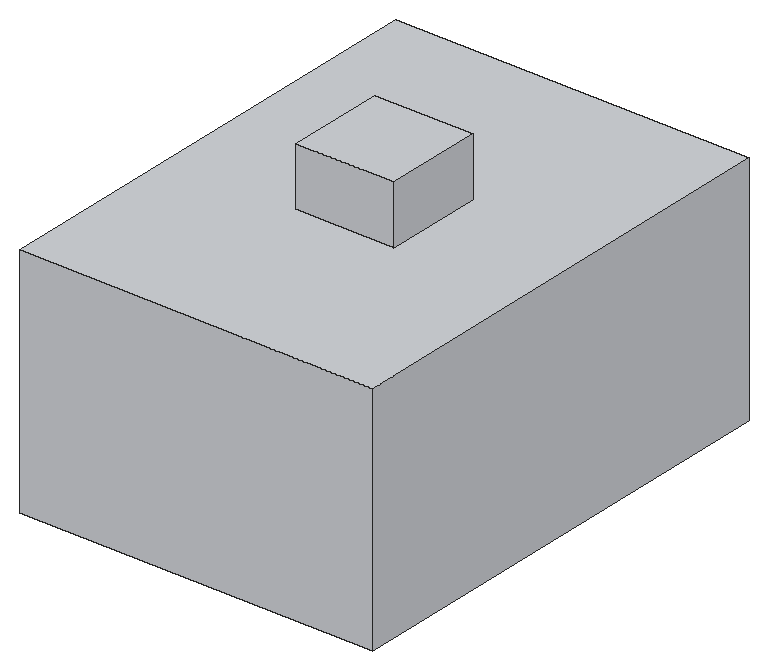
Revit family "77ec65d2197540f8aba336cae864940e", category Air Terminals, Revit 2021
Family settings
  Round Connector Dimension = Use Diameter
  Part Type = Normal
  OmniClass Number = 23.40.40.14.21.11
  OmniClass Title = Food Service Hoods
  Seek Item ID = Grease Hood - Exhaust Only - Island-0000-USA-ENU
  Work Plane-Based = No
  Always vertical = Yes
  Cut with Voids When Loaded = No
  Shared = No
  Room Calculation Point = No
Parameters (values of type "Standard")
  Pressure Drop [instance] = 0.20 in-wg
  Min Flow = 0 CFM
  Max Flow = 0 CFM
  Hood Width [instance] = 4' - 0"
  Hood Material = none
  Hood Length [instance] = 3' - 0"
  Duct Width [instance] = 10"
  Duct Height [instance] = 10"
  Exhaust Air Flow [instance] = 50 FPM * Hood Length * Hood Width  # 600 CFM
  Default Elevation = 0' - 0"
Reference planes (in)
  plane 1 "Center (Front/Back)": y = 0
  plane 2: z = 0
  plane 3 "Center (Left/Right)": x = 0
  plane 4: x = -18
  plane 5: x = 18
  plane 6: y = 24
  plane 7: y = -24
  plane 8: z = 24
  plane 9: z = 30
  plane 10: y = 5
  plane 11: y = -5
  plane 12: x = -5
  plane 13: x = 5
Forms (in)
  Extrusion 1, solid, material <- "Hood Material"
    sketch origin (0, 0, 0) x (1, 0, 0) y (0, 1, 0)
      loop
        line (-18, 24) -> (-18, -24) -> (18, -24) -> (18, 24) -> (-18, 24)
    from 0 to 24
  Extrusion 2, solid, material <- "Hood Material"
    sketch origin (0, 0, 0) x (1, 0, 0) y (0, 1, 0)
      loop
        line (-5, 5) -> (-5, -5) -> (5, -5) -> (5, 5) -> (-5, 5)
    from 24 to 30
Dimensions and locks (in)
  equal spacing: plane 4, plane 3 "Center (Left/Right)", plane 5
  "Hood Length": plane 4 to plane 5
  equal spacing: plane 6, plane 1 "Center (Front/Back)", plane 7
  "Hood Width": plane 6 to plane 7
  locked: plane 8 to plane 2 at 24
  locked: plane 9 to plane 8 at 6
  equal spacing: plane 12, plane 3 "Center (Left/Right)", plane 13
  equal spacing: plane 10, plane 1 "Center (Front/Back)", plane 11
  "Duct Width": plane 12 to plane 13
  "Duct Height": plane 10 to plane 11
  aligned and locked: plane 4 to Extrusion 1 sketch curve
  aligned and locked: Extrusion 1 sketch curve to plane 6
  aligned and locked: plane 7 to Extrusion 1 sketch curve
  aligned and locked: Extrusion 1 sketch curve to plane 5
  aligned and locked: Extrusion 1 to plane 2
  aligned and locked: plane 8 to Extrusion 1
  aligned and locked: plane 12 to Extrusion 2 sketch curve
  aligned and locked: Extrusion 2 sketch curve to plane 10
  aligned and locked: plane 11 to Extrusion 2 sketch curve
  aligned and locked: Extrusion 2 sketch curve to plane 13
  aligned and locked: plane 9 to Extrusion 2
  aligned and locked: Extrusion 2 to plane 8
Connectors (in)
  hvac at (0, 0, 30), driven by "Pressure Drop", driven by "Exhaust Air Flow", driven by "Duct Height", driven by "Duct Width"
    settings: on Extrusion 2, index 1, duct flow 600 CFM, flow factor 0, pres drop 0.20 in-wg, loss coef 0, conn angle 0.00°, conn width 10", conn height 10", conn diameter 24", duct sys type 3, conn prof type 1, flow config 1, flow direction 2, loss method 4, conn ref index -1, conn util no, is conn primary yes, conn desc ""
